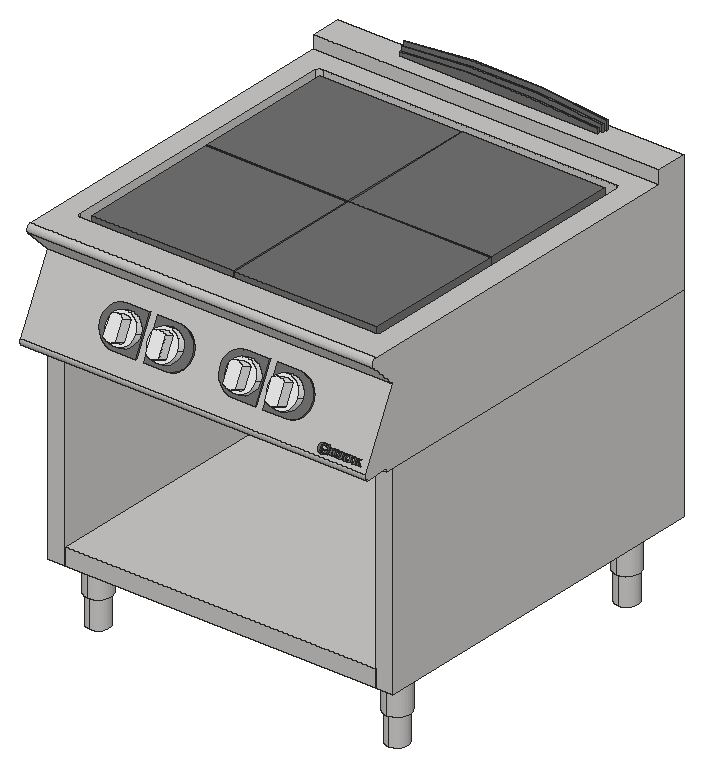
Revit family "QF_GIORIK_TE940G", category Specialty Equipment, Revit 2014
Parameters (values of type "TE940G")
  Weight in Pounds = 308.6468
  Watts = 12000 W
  Volts = 400 V
  URL Cutsheet = "www.giorik.com"
  URL = "www.giorik.com"
  Status [instance] = ""
  Specification by User [instance] = ""
  Specification by Manufacturer = ""
  Show Logo [instance] = yes
  Show Clearance [instance] = yes
  Serial Number = ""
  Seismic Rating = ""
  SMACNA No = ""
  Revision Code [instance] = ""
  Phase = 3
  Number of Poles [instance] = 3
  NAFEM Spec ID Number = ""
  Model = "TE940G"
  Min Ckt Ampacity = 0 A
  Max Overcurrent Protection = 0 A
  Masterspec = ""
  Manufacturer = "GIORIK"
  Item Number [instance] = ""
  Installed By [instance] = ""
  Identify Quantity as Lot [instance] = no
  HP = "16.092240000000"
  Furnished By [instance] = ""
  Foodservice Equipment Identifier [instance] = yes
  FL Amps = 0 A
  Electrical Remarks [instance] = ""
  Electric Connection Type [instance] = ""
  Elec Conn RI Height [instance] = 0 mm
  Elec Conn Connection Height [instance] = 150 mm
  Description = "ELECTRIC SOLID TOP HOB ON OPEN BASE UNIT"
  Cycle = 50 Hz
  Conn Plug = ""
  CSI MasterFormat = ""
  Assembly Code = "E1090320"
  Apparent Power = 12000 VA
Reference planes
  plane 1 "Back": y = 0
  plane 2: z = 0
  plane 3 "Left": x = 0
  plane 4 "Right": x = 800
  plane 5 "Front": y = -920
  plane 6 "Top": z = 900
Forms (mm)
  Extrusion 1, solid, visible <- "Show Logo"
    sketch origin (591.604, -936.761, 609.486) x (-1, 0, 0) y (0, 0.452718, 0.891654)
      loop
        line (-118.824, 58.358) -> (-127.804, 58.358) -> (-125.523, 56.445) -> (-125.523, 48.027) -> (-127.804, 46.113) -> (-118.824, 46.113) -> (-121.105, 48.027) -> (-121.105, 56.445) -> (-118.824, 58.358)
      loop
        line (-163.721, 58.358) -> (-172.7, 58.358) -> (-170.42, 56.445) -> (-170.42, 48.027) -> (-172.7, 46.113) -> (-163.721, 46.113) -> (-166.001, 48.027) -> (-166.001, 56.445) -> (-163.721, 58.358)
      loop
        line (-174.332, 58.358) -> (-183.312, 58.358) -> (-181.031, 56.445) -> (-181.031, 52.435) -> (-186.419, 56.955) -> (-184.416, 58.358) -> (-191.268, 58.358) -> (-188.01, 56.839) -> (-185.455, 54.283) -> (-190.846, 47.858) -> (-193.396, 46.93) -> (-193.396, 46.113) -> (-184.416, 46.113) -> (-185.437, 47.571) -> (-182.443, 51.552) -> (-181.031, 50.894) -> (-181.031, 48.027) -> (-183.312, 46.113) -> (-174.332, 46.113) -> (-176.613, 48.027) -> (-176.613, 56.445) -> (-174.332, 58.358)
      loop
        line (-115.429, 62.063) -> (-115.429, 54.198)
        arc (-115.429, 54.198) -> (-111.618, 57.803) -> (-106.847, 59.986) r 16.039
        arc (-106.847, 59.986) -> (-103.314, 59.837) -> (-100.512, 57.68) r 5.851
        arc (-100.512, 57.68) -> (-98.815, 52.267) -> (-100.512, 46.853) r 9.479
        arc (-100.512, 46.853) -> (-102.406, 44.986) -> (-104.846, 43.93) r 7.236
        arc (-104.846, 43.93) -> (-107.728, 44.111) -> (-110.052, 45.825) r 5.11
        line (-110.052, 45.825) -> (-110.052, 52.001) -> (-116.141, 52.001) -> (-116.141, 45.503) -> (-117.893, 43.751) -> (-114.094, 44.769)
        arc (-114.094, 44.769) -> (-112.56, 44.947) -> (-111.129, 44.366) r 3.115
        arc (-111.129, 44.366) -> (-104.216, 42.091) -> (-97.303, 44.366) r 11.641
        arc (-97.303, 44.366) -> (-93.396, 52.107) -> (-97.303, 59.849) r 9.622
        arc (-97.303, 59.849) -> (-104.369, 62.174) -> (-111.435, 59.849) r 11.898
        line (-111.435, 59.849) -> (-115.429, 62.063)
      loop
        arc (-129.234, 56.068) -> (-135.893, 58.628) -> (-142.552, 56.068) r 9.941
        arc (-142.552, 56.068) -> (-144.234, 52.286) -> (-142.552, 48.505) r 5.093
        arc (-142.552, 48.505) -> (-135.893, 45.945) -> (-129.234, 48.505) r 9.941
        arc (-129.234, 48.505) -> (-127.552, 52.286) -> (-129.234, 56.068) r 5.093
      loop
        arc (-132.628, 54.403) -> (-135.893, 57.668) -> (-139.158, 54.403) r 3.265
        line (-139.158, 54.403) -> (-139.158, 50.169)
        arc (-139.158, 50.169) -> (-135.893, 46.904) -> (-132.628, 50.169) r 3.265
        line (-132.628, 50.169) -> (-132.628, 54.403)
      loop
        arc (-156.363, 58.365) -> (-159.647, 55.081) -> (-156.363, 51.796) r 3.285
        line (-156.363, 51.796) -> (-159.529, 47.306) -> (-162.087, 46.113) -> (-155.847, 46.113) -> (-153.529, 51.083) -> (-150.637, 51.083) -> (-150.637, 47.784) -> (-153.022, 46.113) -> (-144.011, 46.113) -> (-146.094, 47.68) -> (-146.094, 56.493) -> (-144.229, 58.365) -> (-156.363, 58.365)
      loop
        line (-150.637, 57.512) -> (-153.637, 57.512)
        arc (-153.637, 57.512) -> (-156.237, 54.912) -> (-153.637, 52.312) r 2.6
        line (-153.637, 52.312) -> (-150.637, 52.312) -> (-150.637, 57.512)
      loop
        line (-108.924, 52.001) -> (-104.936, 49.005) -> (-100.948, 52.001) -> (-108.924, 52.001)
    from 1.5 to -0.5
  Extrusion 2, solid
    sketch origin (-16, 1025.81, 0) x (1, 0, 0) y (0, 1, 0)
      loop
        line (25, -1086.81) -> (25, -1156.81) -> (115, -1156.81) -> (115, -1086.81) -> (25, -1086.81)
    from 148 to 150
  Extrusion 3, solid
    sketch origin (-4, 0, 130) x (1, 0, 0) y (0, 1, 0)
      loop
        circle (54, -385) r 12.5
    from 0 to 20
  Extrusion 4, solid
    sketch origin (0, 800, -20) x (0, 1, 0) y (0, 0, 1)
      loop
        line (-800, 919.988) -> (-870, 919.988) -> (-870, 889.988) -> (-1688.806, 889.988)
        arc (-1688.806, 889.988) -> (-1699.151, 883.075) -> (-1696.724, 870.873) r 11.197
        line (-1696.724, 870.873) -> (-1640.876, 815.025) -> (-1718.948, 661.258)
        arc (-1718.948, 661.258) -> (-1718.233, 650.105) -> (-1708.118, 645.354) r 10.981
        line (-1708.118, 645.354) -> (-1660, 649.925) -> (-1660, 640) -> (-800, 640) -> (-800, 919.988)
    from 0 to 800
  Extrusion 5, solid
    sketch origin (0, -200, 599.536) x (1, 0, 0) y (0, 1, 0)
      loop
        line (0, -640) -> (40, -640) -> (40, 160) -> (760, 160) -> (760, -640) -> (800, -640) -> (800, 200) -> (0, 200) -> (0, -640)
    from -449.536 to 20.464
  Extrusion 6, solid
    sketch origin (0, -200, 0) x (1, 0, 0) y (0, 1, 0)
      loop
        line (40, 160) -> (40, -640) -> (760, -640) -> (760, 160) -> (40, 160)
    from 150 to 190
  Extrusion 7, solid
    sketch origin (-16, 360.81, 0) x (1, 0, 0) y (0, 1, 0)
      loop
        line (25, -1086.81) -> (25, -1156.81) -> (115, -1156.81) -> (115, -1086.81) -> (25, -1086.81)
    from 148 to 150
  Revolve 8, solid
    sketch origin (54, 360.81, 0) x (0, 1, 0) y (0, 0, 1)
      loop
        line (-1092.56, 66) -> (-1092.56, 148) -> (-1121.81, 148) -> (-1121.81, 0) -> (-1096.81, 0) -> (-1096.81, 66) -> (-1092.56, 66)
      axis (-1121.81, 0) -> (-1121.81, 148)
    angle from 0 to 360
  Revolve 9, solid
    sketch origin (54, 1025.81, 0) x (0, 1, 0) y (0, 0, 1)
      loop
        line (-1092.56, 66) -> (-1092.56, 148) -> (-1121.81, 148) -> (-1121.81, 0) -> (-1096.81, 0) -> (-1096.81, 66) -> (-1092.56, 66)
      axis (-1121.81, 0) -> (-1121.81, 148)
    angle from 0 to 360
  Extrusion 10, solid
    sketch origin (816, 360.81, 0) x (-1, 0, 0) y (0, -1, 0)
      loop
        line (25, 1086.81) -> (115, 1086.81) -> (115, 1156.81) -> (25, 1156.81) -> (25, 1086.81)
    from 148 to 150
  Revolve 11, solid
    sketch origin (746, 360.81, 0) x (0, 1, 0) y (0, 0, -1)
      loop
        line (-1092.56, -66) -> (-1096.81, -66) -> (-1096.81, 0) -> (-1121.81, 0) -> (-1121.81, -148) -> (-1092.56, -148) -> (-1092.56, -66)
      axis (-1121.81, 0) -> (-1121.81, -148)
    angle from 0 to 360
  Extrusion 12, void
    sketch origin (422.306, -172.7, 900) x (0, 1, 0) y (-1, 0, 0)
      loop
        line (52.7, -317.694) -> (52.7, 362.306)
        arc (52.7, 362.306) -> (49.771, 369.377) -> (42.7, 372.306) r 10
        line (42.7, 372.306) -> (-637.265, 372.306)
        arc (-637.265, 372.306) -> (-644.336, 369.377) -> (-647.265, 362.306) r 10
        line (-647.265, 362.306) -> (-647.265, -317.694)
        arc (-647.265, -317.694) -> (-644.336, -324.765) -> (-637.265, -327.694) r 10
        line (-637.265, -327.694) -> (42.7, -327.694)
        arc (42.7, -327.694) -> (49.771, -324.765) -> (52.7, -317.694) r 10
    from -30.012 to -70.012
  Extrusion 13, solid
    sketch origin (816, -1217.81, 0) x (-1, 0, 0) y (0, -1, 0)
      loop
        line (25, -1086.81) -> (25, -1156.81) -> (115, -1156.81) -> (115, -1086.81) -> (25, -1086.81)
    from 148 to 150
  Revolve 14, solid
    sketch origin (746, -1217.81, 0) x (0, -1, 0) y (0, 0, 1)
      loop
        line (-1092.56, 66) -> (-1092.56, 148) -> (-1121.81, 148) -> (-1121.81, 0) -> (-1096.81, 0) -> (-1096.81, 66) -> (-1092.56, 66)
      axis (-1121.81, 0) -> (-1121.81, 148)
    angle from 0 to 360
  Extrusion 15, solid
    sketch origin (-210.755, -1162.334, 53.824) x (1, 0, 0) y (0, 0.452718, 0.891654)
      loop
        line (463.221, 676.25) -> (463.221, 766.25) -> (409.698, 766.25)
        arc (409.698, 766.25) -> (364.698, 721.25) -> (409.698, 676.25) r 45
        line (409.698, 676.25) -> (463.221, 676.25)
    from 48 to 50
  Extrusion 16, solid
    sketch origin (563.797, -1206.96, 76.375) x (-1, 0, 0) y (0, -0.452718, -0.891654)
      loop
        circle (351.331, -721.346) r 35
    from 0 to 15
  Extrusion 17, solid
    sketch origin (563.797, -1206.96, 76.375) x (-1, 0, 0) y (0, -0.452718, -0.891654)
      loop
        arc (336.331, -743.846) -> (351.331, -748.846) -> (366.331, -743.846) r 25
        line (366.331, -743.846) -> (366.331, -698.846)
        arc (366.331, -698.846) -> (351.331, -693.846) -> (336.331, -698.846) r 25
        line (336.331, -698.846) -> (336.331, -743.846)
    from 15 to 40
  Extrusion 18, solid
    sketch origin (733.221, -1162.334, 53.824) x (-1, 0, 0) y (0, -0.452718, -0.891654)
      loop
        line (463.221, -676.25) -> (409.698, -676.25)
        arc (409.698, -676.25) -> (364.698, -721.25) -> (409.698, -766.25) r 45
        line (409.698, -766.25) -> (463.221, -766.25) -> (463.221, -676.25)
    from 48 to 50
  Extrusion 19, solid
    sketch origin (-41.331, -1206.96, 76.375) x (1, 0, 0) y (0, 0.452718, 0.891654)
      loop
        circle (351.331, 721.346) r 35
    from 0 to 15
  Extrusion 20, solid
    sketch origin (-41.331, -1206.96, 76.375) x (1, 0, 0) y (0, 0.452718, 0.891654)
      loop
        line (336.331, 743.846) -> (336.331, 698.846)
        arc (336.331, 698.846) -> (351.331, 693.846) -> (366.331, 698.846) r 25
        line (366.331, 698.846) -> (366.331, 743.846)
        arc (366.331, 743.846) -> (351.331, 748.846) -> (336.331, 743.846) r 25
    from 15 to 40
  Extrusion 21, solid
    sketch origin (1010.755, -1162.334, 53.824) x (-1, 0, 0) y (0, -0.452718, -0.891654)
      loop
        line (463.221, -676.25) -> (409.698, -676.25)
        arc (409.698, -676.25) -> (364.698, -721.25) -> (409.698, -766.25) r 45
        line (409.698, -766.25) -> (463.221, -766.25) -> (463.221, -676.25)
    from 48 to 50
  Extrusion 22, solid
    sketch origin (236.203, -1206.96, 76.375) x (1, 0, 0) y (0, 0.452718, 0.891654)
      loop
        circle (351.331, 721.346) r 35
    from 0 to 15
  Extrusion 23, solid
    sketch origin (236.203, -1206.96, 76.375) x (1, 0, 0) y (0, 0.452718, 0.891654)
      loop
        line (336.331, 743.846) -> (336.331, 698.846)
        arc (336.331, 698.846) -> (351.331, 693.846) -> (366.331, 698.846) r 25
        line (366.331, 698.846) -> (366.331, 743.846)
        arc (366.331, 743.846) -> (351.331, 748.846) -> (336.331, 743.846) r 25
    from 15 to 40
  Extrusion 24, solid
    sketch origin (66.779, -1162.334, 53.824) x (1, 0, 0) y (0, 0.452718, 0.891654)
      loop
        line (463.221, 676.25) -> (463.221, 766.25) -> (409.698, 766.25)
        arc (409.698, 766.25) -> (364.698, 721.25) -> (409.698, 676.25) r 45
        line (409.698, 676.25) -> (463.221, 676.25)
    from 48 to 50
  Extrusion 25, solid
    sketch origin (841.331, -1206.96, 76.375) x (-1, 0, 0) y (0, -0.452718, -0.891654)
      loop
        circle (351.331, -721.346) r 35
    from 0 to 15
  Extrusion 26, solid
    sketch origin (841.331, -1206.96, 76.375) x (-1, 0, 0) y (0, -0.452718, -0.891654)
      loop
        arc (336.331, -743.846) -> (351.331, -748.846) -> (366.331, -743.846) r 25
        line (366.331, -743.846) -> (366.331, -698.846)
        arc (366.331, -698.846) -> (351.331, -693.846) -> (336.331, -698.846) r 25
        line (336.331, -698.846) -> (336.331, -743.846)
    from 15 to 40
  Extrusion 27, solid
    sketch origin (36.031, 0, -10.001) x (1, 0, 0) y (0, 0, 1)
      loop
        line (135, 909.989) -> (592.969, 909.989) -> (592.969, 919.989) -> (440.969, 929.989) -> (287, 929.989) -> (135, 919.989) -> (135, 909.989)
    from 32 to 35
  Extrusion 28, solid
    sketch origin (38, 10, -10.001) x (1, 0, 0) y (0, 0, 1)
      loop
        line (594, 909.989) -> (594, 924.989) -> (440, 937.489) -> (284, 937.489) -> (130, 925.001) -> (130, 909.989) -> (594, 909.989)
    from 32 to 35
  Extrusion 29, solid
    sketch origin (40, 20, -10.001) x (1, 0, 0) y (0, 0, 1)
      loop
        line (595, 909.989) -> (595, 930.001) -> (439, 945.258) -> (281, 945.258) -> (125, 929.989) -> (125, 909.989) -> (595, 909.989)
    from 32 to 35
  Extrusion 30, solid
    sketch origin (-397.775, -955.565, 829.988) x (0, -1, 0) y (1, 0, 0)
      loop
        line (-487.082, 796.275) -> (-815.565, 796.275) -> (-815.565, 467.775) -> (-487.082, 467.775) -> (-487.082, 796.275)
    from 0 to 40
  Extrusion 31, solid
    sketch origin (1197.775, -955.565, 829.988) x (0, -1, 0) y (1, 0, 0)
      loop
        line (-487.082, -796.275) -> (-487.082, -467.775) -> (-815.565, -467.775) -> (-815.565, -796.275) -> (-487.082, -796.275)
    from 0 to 40
  Extrusion 32, solid
    sketch origin (1197.775, -184.4, 829.988) x (0, 1, 0) y (-1, 0, 0)
      loop
        line (-287.082, 796.275) -> (-615.565, 796.275) -> (-615.565, 467.775) -> (-287.082, 467.775) -> (-287.082, 796.275)
    from 0 to 40
  Extrusion 33, solid
    sketch origin (-397.775, -184.4, 829.988) x (0, 1, 0) y (-1, 0, 0)
      loop
        line (-287.082, -796.275) -> (-287.082, -467.775) -> (-615.565, -467.775) -> (-615.565, -796.275) -> (-287.082, -796.275)
    from 0 to 40
Cuts and joins
  Extrusion 12 cuts Extrusion 4
Lines and regions (mm)
  symbolic lines, style "200-EquipBorder-2D"
    curve 1: line (0, -920, 0) -> (800, -920, 0)
    curve 2: line (800, -920, 0) -> (800, 0, 0)
    curve 3: line (800, 0, 0) -> (0, 0, 0)
    curve 4: line (0, 0, 0) -> (0, -920, 0)
    curve 42: line (197.465, -926.246, 900) -> (197.465, -920, 900)
    curve 43: line (227.465, -926.246, 900) -> (227.465, -920, 900)
    curve 44: line (295, -926.246, 900) -> (295, -920, 900)
    curve 45: line (325, -926.246, 900) -> (325, -920, 900)
    curve 46: line (475, -926.246, 900) -> (475, -920, 900)
    curve 47: line (505, -926.246, 900) -> (505, -920, 900)
    curve 48: line (572.535, -926.246, 900) -> (572.535, -920, 900)
    curve 49: line (602.535, -926.246, 900) -> (602.535, -920, 900)
    curve 50: arc (602.535, -926.246, 900) -> (587.535, -928.425, 900) -> (572.535, -926.246, 900) r 52.714
    curve 51: arc (475, -926.246, 900) -> (490, -928.773, 900) -> (505, -926.246, 900) r 45.776
    curve 52: arc (295, -926.246, 900) -> (310, -928.622, 900) -> (325, -926.246, 900) r 48.524
    curve 53: arc (227.465, -926.246, 900) -> (212.465, -928.514, 900) -> (197.465, -926.246, 900) r 50.721
  symbolic lines, style "200-EquipInternal-2D"
    curve 5: line (0, -70, 900) -> (800, -70, 900)
    curve 6: line (165, -12, 900) -> (165, -15, 900)
    curve 7: line (168, -22, 900) -> (168, -25, 900)
    curve 8: line (171.031, -32, 900) -> (171.031, -35, 900)
    curve 9: line (635, -12, 900) -> (165, -12, 900)
    curve 10: line (165, -15, 900) -> (635, -15, 900)
    curve 11: line (632, -22, 900) -> (168, -22, 900)
    curve 12: line (168, -25, 900) -> (632, -25, 900)
    curve 13: line (629, -32, 900) -> (171.031, -32, 900)
    curve 14: line (171.031, -35, 900) -> (629, -35, 900)
    curve 15: line (635, -15, 900) -> (635, -12, 900)
    curve 16: line (632, -25, 900) -> (632, -22, 900)
    curve 17: line (629, -35, 900) -> (629, -32, 900)
    curve 18: line (50, -130, 900) -> (50, -809.965, 900)
    curve 19: line (70, -140, 900) -> (70, -468.482, 900)
    curve 20: line (740, -120, 900) -> (60, -120, 900)
    curve 21: line (398.5, -140, 900) -> (70, -140, 900)
    curve 22: arc (60, -120, 900) -> (52.929, -122.929, 900) -> (50, -130, 900) r 10
    curve 23: line (398.5, -468.482, 900) -> (398.5, -140, 900)
    curve 24: line (401.5, -140, 900) -> (401.5, -468.482, 900)
    curve 25: line (730, -140, 900) -> (401.5, -140, 900)
    curve 26: line (70, -468.482, 900) -> (398.5, -468.482, 900)
    curve 27: line (398.5, -471.482, 900) -> (70, -471.482, 900)
    curve 28: line (70, -471.482, 900) -> (70, -799.965, 900)
    curve 29: line (70, -799.965, 900) -> (398.5, -799.965, 900)
    curve 30: line (60, -819.965, 900) -> (740, -819.965, 900)
    curve 31: arc (50, -809.965, 900) -> (52.929, -817.036, 900) -> (60, -819.965, 900) r 10
    curve 32: line (401.5, -471.482, 900) -> (401.5, -799.965, 900)
    curve 33: line (398.5, -799.965, 900) -> (398.5, -471.482, 900)
    curve 34: line (401.5, -799.965, 900) -> (730, -799.965, 900)
    curve 35: line (730, -799.965, 900) -> (730, -471.482, 900)
    curve 36: line (750, -809.965, 900) -> (750, -130, 900)
    curve 37: arc (740, -819.965, 900) -> (747.071, -817.036, 900) -> (750, -809.965, 900) r 10
    curve 38: line (730, -471.482, 900) -> (401.5, -471.482, 900)
    curve 39: line (730, -468.482, 900) -> (730, -140, 900)
    curve 40: line (401.5, -468.482, 900) -> (730, -468.482, 900)
    curve 41: arc (750, -130, 900) -> (747.071, -122.929, 900) -> (740, -120, 900) r 10
Dimensions and locks
  plane 3 "Left" to plane 4 "Right" = 800 mm
  plane 5 "Front" to plane 1 "Back" = 920 mm
  plane 4 "Right" to plane 3 "Left" = 800 mm
  plane 1 "Back" to plane 5 "Front" = 920 mm
  plane 6 "Top" to level = 900 mm  (x2)
  aligned and locked: level to plane 2
Connectors
  electrical at (50, -385, 130), driven by "Apparent Power", driven by "Volts", driven by "Number of Poles"
    settings: on Extrusion 3, index 1, voltage 400 V, apparent load 0 VA, apparent load phase1 12000 VA, apparent load phase2 0 VA, apparent load phase3 0 VA, power factor 1, load classification "Other", number of poles 3, system type 31, power factor state 1, is connector primary yes, connector utility no, sub classification motor no, connector description "Electrical connection"
